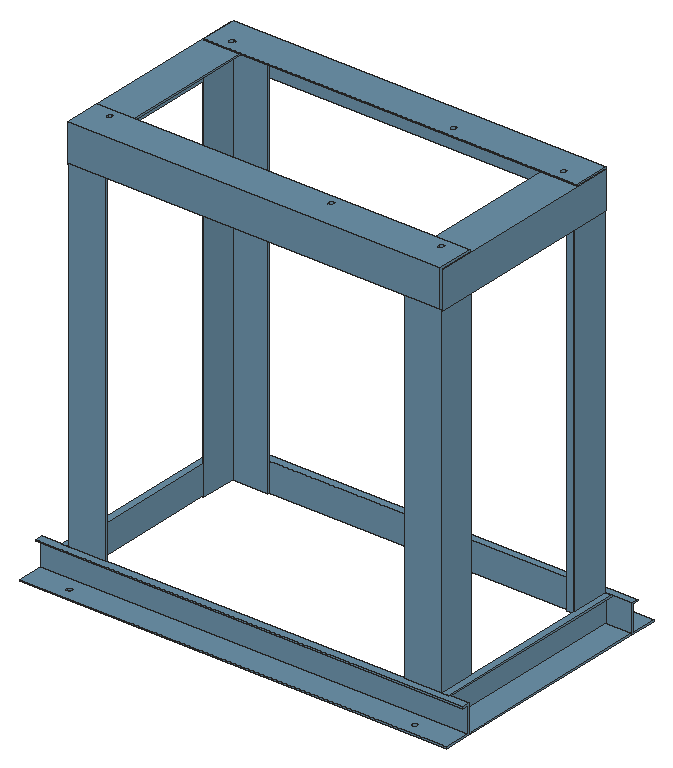
Revit family "Рама монтажна РМ_укр", category Mechanical Equipment, Revit 2021
Family settings
  Round Connector Dimension = Use Diameter
  Part Type = Normal
  OmniClass Number = 23.75.00.00
  OmniClass Title = Climate Control (HVAC)
  Work Plane-Based = No
  Always vertical = Yes
  Cut with Voids When Loaded = No
  Shared = No
  Room Calculation Point = No
Parameters (values of type "РМ-1")
  Розрахована на навантаження = "50-180  кг/м2"
  Матеріал корпусу = Вуглецева сталь з порошковим покриттям
  Матеріал зони обслуговуваня = none
  Вага = 27.90 kg
  h1 = H - 3 mm  # 827 mm
  c1 = C - 110 mm  # 414 mm
  L3 = 223 mm
  L2 = 449 mm
  L1 = 310 mm
  H = 830 mm
  Default Elevation = 0 mm
  C = 524 mm
  B = 865 mm
  A2 = 480 mm
  A1 = 700 mm
  09_Назва системи [instance] = ""
  00_20_Тип = "РМ-1"
  00_20_Назва = "Рама монтажна РМ"  # constant formula
  00_20_Виробник = "Вентс"  # constant formula
Types (6, lengths in mm): name | Вага | h1 | c1 | L3 | L2 | L1 | H | C | B | A2 | A1 | 00_20_Тип
  (no name) | 27.90 kg | 827 | 414 | 223 | 449 | 310 | 830 | 524 | 865 | 480 | 700 | "РМ-1"
  РМ-1 | 27.90 kg | 827 | 414 | 223 | 449 | 310 | 830 | 524 | 865 | 480 | 700 | "РМ-1"
  РМ-2 | 27.60 kg | 804 | 414 | 249 | 419 | 310 | 807 | 524 | 862 | 480 | 700 | "РМ-2"
  РМ-3 | 28.80 kg | 738 | 454 | 269 | 523 | 350 | 741 | 564 | 986 | 520 | 820 | "РМ-3"
  РМ-4 | 27.40 kg | 707 | 454 | 302 | 418 | 350 | 710 | 564 | 914 | 520 | 700 | "РМ-4"
  РМ-5 | 27.50 kg | 797 | 414 | 249 | 419 | 310 | 800 | 524 | 862 | 480 | 700 | "РМ-5"
Reference planes
  plane 1 "Center (Front/Back)": y = 0
  plane 2: z = 0
  plane 3 "Center (Left/Right)": x = 0
  plane 4: x = -377.5
  plane 5: x = 377.5
  plane 6: y = -207
  plane 7: y = 207
  plane 8: z = 830
  plane 9 "A1/1": x = -350
  plane 10 "A1/2": x = 350
  plane 11: x = -432.5
  plane 12: x = 432.5
  plane 13: y = 262
  plane 14: y = -262
  plane 15 "A2/1": y = -240
  plane 16 "A2/2": y = 240
  plane 17 "L2/1": x = -336
  plane 18 "L3/2": x = 336
  plane 19 "L1/1": y = -155
  plane 20 "L1/2": y = 155
  plane 21 "L2/2 - L3/1": x = 113
Lines and regions (mm)
  symbolic lines
    curve 1: line (-380.5, 207, 0) -> (-377.5, 210, 0)
    curve 2: line (-377.5, 210, 0) -> (-379, 208.5, 0)
    curve 3: line (-379, 208.5, 0) -> (-341, 170.5, 0)
Dimensions and locks
  "B": plane 11 to plane 12
  equal spacing: plane 11, plane 3 "Center (Left/Right)", plane 12
  equal spacing: plane 13, plane 1 "Center (Front/Back)", plane 14
  "C": plane 13 to plane 14
  "H": plane 8 to plane 2
  equal spacing: plane 9 "A1/1", plane 3 "Center (Left/Right)", plane 10 "A1/2"
  "A1": plane 9 "A1/1" to plane 10 "A1/2"
  equal spacing: plane 16 "A2/2", plane 1 "Center (Front/Back)", plane 15 "A2/1"
  "A2": plane 16 "A2/2" to plane 15 "A2/1"
  "L2": plane 17 "L2/1" to plane 21 "L2/2 - L3/1"
  "L3": plane 21 "L2/2 - L3/1" to plane 18 "L3/2"
  equal spacing: plane 20 "L1/2", plane 1 "Center (Front/Back)", plane 19 "L1/1"
  "L1": plane 20 "L1/2" to plane 19 "L1/1"
  equal spacing: plane 17 "L2/1", plane 3 "Center (Left/Right)", plane 18 "L3/2"
  equal spacing: nested 11, nested 11, nested 11
  locked: plane 12 to plane 5 at 55
  locked: plane 4 to plane 11 at 55
  locked: plane 13 to plane 7 at 55
  locked: plane 6 to plane 14 at 55
  equal spacing: plane 7, plane 1 "Center (Front/Back)", plane 6
  equal spacing: plane 5, plane 3 "Center (Left/Right)", plane 4
  aligned and locked: level to plane 2
  aligned and locked: plane 3 "Center (Left/Right)" to nested 1
  aligned and locked: plane 7 to nested 2
  aligned and locked: nested 2 to plane 3 "Center (Left/Right)"
  aligned and locked: nested 1 to plane 6
  aligned and locked: nested 3 to plane 5
  aligned and locked: nested 4 to plane 4
  aligned and locked: nested 4 to plane 7
  aligned and locked: nested 4 to plane 6
  aligned and locked: plane 7 to nested 3
  aligned and locked: plane 6 to nested 3
  aligned and locked: nested 3 to plane 1 "Center (Front/Back)"
  aligned and locked: plane 1 "Center (Front/Back)" to nested 4
  aligned and locked: nested 7 to plane 2
  aligned and locked: nested 7 to plane 7
  aligned and locked: plane 5 to nested 7
  aligned and locked: plane 7 to nested 8
  aligned and locked: plane 4 to nested 8
  aligned and locked: plane 6 to nested 10
  aligned and locked: nested 9 to plane 6
  aligned and locked: nested 8 to plane 2
  aligned and locked: nested 11 to plane 8
  aligned and locked: nested 5 to plane 10 "A1/2"
  aligned and locked: plane 9 "A1/1" to nested 12
  aligned and locked: plane 10 "A1/2" to nested 13
  aligned and locked: nested 13 to plane 16 "A2/2"
  aligned and locked: nested 12 to plane 16 "A2/2"
  aligned and locked: plane 15 "A2/1" to nested 6
  aligned and locked: plane 15 "A2/1" to nested 5
  aligned and locked: nested 10 to plane 4
  aligned and locked: nested 9 to plane 5
  aligned and locked: nested 14 to plane 18 "L3/2"
  aligned and locked: nested 15 to plane 21 "L2/2 - L3/1"
  aligned and locked: plane 19 "L1/1" to nested 15
  aligned and locked: plane 19 "L1/1" to nested 14
  aligned and locked: plane 2 to nested 9
  aligned and locked: nested 10 to plane 2
  aligned and locked: nested 11 to plane 3 "Center (Left/Right)"
  aligned and locked: plane 4 to nested 17
  aligned and locked: plane 5 to nested 17
  aligned and locked: nested 11 to plane 4
  aligned and locked: nested 11 to plane 5
  aligned and locked: plane 6 to nested 17
  aligned and locked: plane 7 to nested 11
  aligned and locked: nested 18 to plane 1 "Center (Front/Back)"
  aligned and locked: nested 18 to plane 5
  aligned and locked: nested 19 to plane 4
  aligned and locked: plane 17 "L2/1" to nested 23
  aligned and locked: plane 20 "L1/2" to nested 23
  aligned and locked: nested 22 to plane 17 "L2/1"
  aligned and locked: plane 20 "L1/2" to nested 22
  aligned and locked: nested 21 to plane 17 "L2/1"
  aligned and locked: plane 19 "L1/1" to nested 21
  aligned and locked: nested 20 to plane 17 "L2/1"
  aligned and locked: plane 19 "L1/1" to nested 20
  aligned and locked: nested 24 to plane 21 "L2/2 - L3/1"
  aligned and locked: plane 19 "L1/1" to nested 24
  aligned and locked: plane 21 "L2/2 - L3/1" to nested 29
  aligned and locked: plane 20 "L1/2" to nested 29
  aligned and locked: plane 18 "L3/2" to nested 27
  aligned and locked: plane 20 "L1/2" to nested 27
  aligned and locked: nested 28 to plane 18 "L3/2"
  aligned and locked: nested 28 to plane 20 "L1/2"
  aligned and locked: nested 25 to plane 18 "L3/2"
  aligned and locked: plane 19 "L1/1" to nested 25
  aligned and locked: nested 26 to plane 18 "L3/2"
  aligned and locked: nested 26 to plane 19 "L1/1"
  aligned and locked: nested 6 to plane 9 "A1/1"
Automatic sketch dimensions
  curve 1 to plane 7 = 0 mm
  curve 2 to plane 4 = 0 mm
  curve 3 to plane 4 = 1.5 mm
  plane 7 to curve 2 = 1.5 mm
  curve 2 to curve 2 = 1.5 mm
  curve 1 to curve 2 = 1.5 mm
  curve 3 to plane 17 "L2/1" = 5 mm
Nested families
  nested 1: "1" at (0, -207, 0), W <- "B", Material <- "Матеріал корпусу", type "1"
    with W 865 mm, Material Вуглецева сталь з порошковим покриттям
  nested 2: "1" at (0, 207, 0) x (-1, 0, 0) z (0, 0, 1), W <- "B", Material <- "Матеріал корпусу", type "1"
    with W 865 mm, Material Вуглецева сталь з порошковим покриттям
  nested 3: "1" at (377.5, 0, 0) x (0, 1, 0) z (0, 0, 1), Material <- "Матеріал корпусу", type "1"
    with W 414 mm, Material Вуглецева сталь з порошковим покриттям
  nested 4: "1" at (-377.5, 0, 0) x (0, -1, 0) z (0, 0, 1), Material <- "Матеріал корпусу", type "1"
    with W 414 mm, Material Вуглецева сталь з порошковим покриттям
  nested 5: "Hole" at (350, -240, 3) x (-1, 0, 0) z (0, 0, 1), type "1"
    with d 10 mm
  nested 6: "Hole" at (-350, -240, 3) x (-1, 0, 0) z (0, 0, 1), type "1"
    with d 10 mm
  nested 7: "2" at (377.5, 207, 415) x (0, 0, 1) z (-1, 0, 0), Material <- "Матеріал корпусу", W <- "H", type "Family2"
    with w2 6 mm, w1 0 mm, d 0 mm, W 830 mm, Material Вуглецева сталь з порошковим покриттям
  nested 8: "2" at (-377.5, 207, 415) x (0, 0, 1) z (1, 0, 0), Material <- "Матеріал корпусу", W <- "H", type "Family2"
    with w2 6 mm, w1 0 mm, d 0 mm, W 830 mm, Material Вуглецева сталь з порошковим покриттям
  nested 9: "2" at (377.5, -207, 415) x (0, 0, 1) z (-1, 0, 0), Material <- "Матеріал корпусу", W <- "H", type "Family2"
    with w2 6 mm, w1 0 mm, d 0 mm, W 830 mm, Material Вуглецева сталь з порошковим покриттям
  nested 10: "2" at (-377.5, -207, 415) x (0, 0, 1) z (1, 0, 0), Material <- "Матеріал корпусу", W <- "H", type "Family2"
    with w2 6 mm, w1 0 mm, d 0 mm, W 830 mm, Material Вуглецева сталь з порошковим покриттям
  nested 11: "2" at (0, 210, 830) x (1, 0, 0) z (0, 0, -1), Material <- "Матеріал корпусу", built-in parameter 1001360 <- "H", type "Family2"
    with w2 0 mm, w1 0 mm, d 0 mm, W 755 mm, Material Вуглецева сталь з порошковим покриттям
  nested 12: "Hole" at (-350, 240, 3), type "1"
    with h 3 mm, d 10 mm
  nested 13: "Hole" at (350, 240, 3), type "1"
    with h 3 mm, d 10 mm
  nested 14: "Hole" at (336, -155, 827) x (-1, 0, 0) z (0, 0, 1), type "1"
    with h 3 mm, d 10 mm
  nested 15: "Hole" at (113, -155, 827) x (-1, 0, 0) z (0, 0, 1), type "1"
    with h 3 mm, d 10 mm
  nested 16: "Hole" at (-336, -175.179, 827) x (-1, 0, 0) z (0, 0, 1), type "1"
    with h 3 mm, d 10 mm
  nested 17: "2" at (0, -210, 830) x (1, 0, 0) z (0, 0, -1), Material <- "Матеріал корпусу", built-in parameter 1001360 <- "H", type "Family2"
    with w2 0 mm, w1 0 mm, d 0 mm, W 755 mm, Material Вуглецева сталь з порошковим покриттям
  nested 18: "2" at (380.5, 0, 827) x (0, 1, 0) z (0, 0, -1), Material <- "Матеріал корпусу", W <- "c1", built-in parameter 1001360 <- "H", built-in parameter 1001364 <- "h1", type "Family2"
    with w2 0 mm, w1 0 mm, d 0 mm, W 414 mm, Material Вуглецева сталь з порошковим покриттям
  nested 19: "2" at (-380.5, 0, 827) x (0, 1, 0) z (0, 0, -1), Material <- "Матеріал корпусу", W <- "c1", built-in parameter 1001360 <- "H", built-in parameter 1001364 <- "h1", type "Family2"
    with w2 0 mm, w1 0 mm, d 0 mm, W 414 mm, Material Вуглецева сталь з порошковим покриттям
  nested 20: "Hole" at (-336, -155, 830) x (-1, 0, 0) z (0, 0, 1), type "1"
    with h 3 mm, d 10 mm
  nested 21: "Hole" at (-336, -155, 827) x (-1, 0, 0) z (0, 0, 1), type "1"
    with h 3 mm, d 10 mm
  nested 22: "Hole" at (-336, 155, 827) x (-1, 0, 0) z (0, 0, 1), type "1"
    with h 3 mm, d 10 mm
  nested 23: "Hole" at (-336, 155, 830) x (0, 1, 0) z (0, 0, 1), type "1"
    with h 3 mm, d 10 mm
  nested 24: "Hole" at (113, -155, 830) x (-1, 0, 0) z (0, 0, 1), type "1"
    with h 3 mm, d 10 mm
  nested 25: "Hole" at (336, -155, 830) x (-1, 0, 0) z (0, 0, 1), type "1"
    with h 3 mm, d 10 mm
  nested 26: "Hole" at (336, -155, 827) x (0, -1, 0) z (0, 0, 1), type "1"
    with h 3 mm, d 10 mm
  nested 27: "Hole" at (336, 155, 830) x (0, 1, 0) z (0, 0, 1), type "1"
    with h 3 mm, d 10 mm
  nested 28: "Hole" at (336, 155, 827) x (0, -1, 0) z (0, 0, 1), type "1"
    with h 3 mm, d 10 mm
  nested 29: "Hole" at (113, 155, 830) x (0, 1, 0) z (0, 0, 1), type "1"
    with h 3 mm, d 10 mm
Definition of nested family "1"
  Parameters (values of type "1")
    W [instance] = 865 mm
    Material [instance] = none
    Default Elevation = 0 mm
  Reference planes
    plane 1 "Center (Front/Back)": y = 0
    plane 2: z = 0
    plane 3 "Center (Left/Right)": x = 0
    plane 4: x = -432.5
    plane 5: x = 432.5
    plane 6: y = -55
    plane 7: z = 58
  Forms (mm)
    Extrusion 1, solid, material <- "Material"
      sketch origin (0, 0, 0) x (0, 1, 0) y (0, 0, 1)
        loop
          line (-55, 0) -> (0, 0) -> (0, 58) -> (-15, 58) -> (-15, 55) -> (-3, 55) -> (-3, 3) -> (-55, 3) -> (-55, 0)
      from -432.5 to 432.5
  Dimensions and locks
    equal spacing: plane 4, plane 3 "Center (Left/Right)", plane 5
    plane 6 to plane 1 "Center (Front/Back)" = 55 mm
    "W": plane 4 to plane 5
    locked: Extrusion 1 to plane 1 "Center (Front/Back)" at 15
    aligned and locked: level to plane 2
    aligned and locked: plane 7 to Extrusion 1
    aligned and locked: plane 5 to Extrusion 1
    aligned and locked: Extrusion 1 to plane 4
    aligned and locked: Extrusion 1 to plane 6
  Automatic sketch dimensions
    plane 6 to Extrusion 1 sketch curve = 0 mm
    Extrusion 1 sketch curve to plane 1 "Center (Front/Back)" = 0 mm
    Extrusion 1 sketch curve to level = 0 mm
    plane 1 "Center (Front/Back)" to Extrusion 1 sketch curve = 15 mm
    plane 1 "Center (Front/Back)" to Extrusion 1 sketch curve = 3 mm
    level to Extrusion 1 sketch curve = 3 mm
    Extrusion 1 sketch curve to Extrusion 1 sketch curve = 52 mm
    Extrusion 1 sketch curve to Extrusion 1 sketch curve = 3 mm
Definition of nested family "2"
  Parameters (values of type "Family2")
    w2 [instance] = 0 mm
    w1 [instance] = 0 mm
    d [instance] = 0 mm
    W [instance] = 865 mm
    Material [instance] = none
    Default Elevation = 0 mm
  Reference planes
    plane 1 "Center (Front/Back)": y = 0
    plane 2: z = 0
    plane 3 "Center (Left/Right)": x = 0
    plane 4: x = -432.5
    plane 5: x = 432.5
    plane 6: y = -75
    plane 7: z = 75
    plane 8 "Center L/S": y = -3
  Forms (mm)
    Extrusion 1, solid, material <- "Material"
      sketch origin (0, 0, 0) x (0, 1, 0) y (0, 0, 1)
        loop
          line (-75, 0) -> (0, 0) -> (0, 75) -> (-3, 75) -> (-3, 3) -> (-75, 3) -> (-75, 0)
      from -432.5 to 432.5
  Dimensions and locks
    equal spacing: plane 4, plane 3 "Center (Left/Right)", plane 5
    plane 6 to plane 1 "Center (Front/Back)" = 75 mm
    "W": plane 4 to plane 5
    locked: plane 8 "Center L/S" to plane 1 "Center (Front/Back)" at 3
    plane 7 to plane 2 = 75 mm
    "w1": plane 4 to Extrusion 1
    "w2": Extrusion 1 to plane 5
    locked: plane 6 to plane 1 "Center (Front/Back)" at 75
    aligned and locked: level to plane 2
    aligned and locked: Extrusion 1 to plane 6
    aligned and locked: plane 7 to Extrusion 1
    aligned and locked: plane 8 "Center L/S" to Extrusion 1
  Automatic sketch dimensions
    Extrusion 1 sketch curve to level = 0 mm
    Extrusion 1 sketch curve to plane 6 = 0 mm
    Extrusion 1 sketch curve to plane 7 = 0 mm
    plane 1 "Center (Front/Back)" to Extrusion 1 sketch curve = 0 mm
    plane 1 "Center (Front/Back)" to Extrusion 1 sketch curve = 3 mm
    level to Extrusion 1 sketch curve = 3 mm
